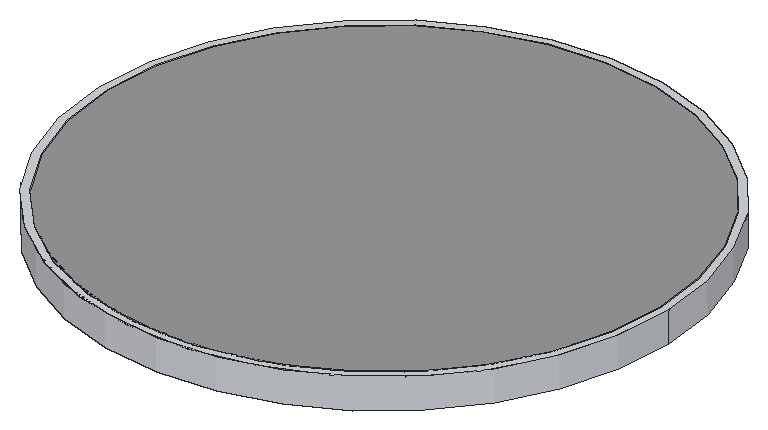
Revit family "2071292", category Lighting Fixtures, host Face, Revit 2018
Family settings
  Host = Face
  Round Connector Dimension = Use Diameter
  Part Type = Junction Box
  OmniClass Number = 23.80.70.00
  OmniClass Title = Lighting
  Cut with Voids When Loaded = No
  Light Source = Yes
  Shared = No
  Room Calculation Point = No
Parameters (values of type "2071292 COLOSSAL 1200 840 OP DIR WHT SSC")
  iner diameter = 1168 mm
  Weight = "n/a"
  Wattage Comments = ""
  Wattage = 30 W
  WarrantyStartDate [instance] = "n/a"
  WarrantyGuarantorParts = "n/a"
  WarrantyDurationUnit = "n/a"
  WarrantyDurationParts = ""
  WarrantyDescription = "http://www.sylvania-lighting.com"
  built-in parameter 1150110 = 1 (stored number, unit not read)
  Voltage = 230 V
  URL = "0.95"
  TypeName = "COLOSSAL 1200mm 840 OPAL DIR WHITE SSC"
  Type Image = <None>
  Type Comments = "n/a"
  built-in parameter 1114217 = 1 (stored number, unit not read)
  Tilt Angle = -90.00°
  built-in parameter 1150109 = 1 (stored number, unit not read)
  built-in parameter 1150134 = (empty or 0)
  built-in parameter 1150113 = 1 (stored number, unit not read)
  SerialNumber [instance] = "n/a"
  Photometric Web File = "2071292.ies"
  Material_3_SYL = LED-Sylvania
  PowerFactor = 0
  PowerConsumption = "Lighting"
  NominalLength = 1168 mm
  NominalHeight = 93 mm
  NominalDepth = 1168 mm
  Name = "COLOSSAL 1200mm 840 OPAL DIR WHITE SSC"
  ModelReference = Name  # "COLOSSAL 1200mm 840 OPAL DIR WHITE SSC"
  ModelNumber = "2071292"
  Model = Name  # "COLOSSAL 1200mm 840 OPAL DIR WHITE SSC"
  Material = "Feilo Sylvania"
  ManufacturerName = "143 lm/W"
  Manufacturer = ""
  LuminousEfficacy = ""
  built-in parameter 1150105 = 270.44 (stored number, unit not read)
  Lumens = 3398.4 lm
  LuminaireType = "0"
  built-in parameter 1150115 = 1 (stored number, unit not read)
  LightOutputRatio = "LED"
  built-in parameter 1150137 = (empty or 0)
  built-in parameter 1150139 = (empty or 0)
  LampsType = Lamp  # "n/a"
  LampNominalLuminous = "4000 K"
  LampMacAdamStep = "80"
  LampColourTemperature = "LED"
  LampColourRenderingIndex = "16500"
  built-in parameter 1150112 = 1 (stored number, unit not read)
  built-in parameter 1150114 = 1 (stored number, unit not read)
  Lamp = "n/a"
  Keynote = "n/a"
  InstallationDate [instance] = "n/a"
  InputVoltage = "0"
  InputNominalFrequency = "4000"
  built-in parameter 1150132 = (empty or 0)
  built-in parameter 1150102 = (empty or 0)
  built-in parameter 1150107 = 3000 (stored number, unit not read)
  built-in parameter 1150138 = (empty or 0)
  IngressProtection = "IfcLightFixtureType"
  ImpactProtectionIndex = "IfcLightFixtureType"
  built-in parameter 1150106 = 2.7044 (stored number, unit not read)
  IfcExportType = "IfcLightFixtureType"
  IfcExportAs = "Class I"
  Emit from Circle Diameter = 385 mm
  Emit Shape Visible in Rendering = no
  ElectricShockClassification = "143"
  built-in parameter 1150104 = 10.524 (stored number, unit not read)
  DocumentationLiterature = "http://www.sylvania-lighting.com/product/en-int/products/2071292"
  DimmingControlOptions = "n/a"
  Material_2_SYL = Polycarbonate_Sylvania_White
  Dimming Lamp Color Temperature Shift = <None>
  Description = "1200mm diameter circular architectural luminaire, can be surface mounted or suspended. Powder coated aluminium housing (RAL9016) with polycarbonate opal diffuser. Direct light distribution, 22015lm luminuous flux, 153.6W system power, 143lm/W luminiaire efficacy. Sylsmart Standalone enabled. Colour rendering index Ra >80, 4000K Neutral White LED, chromaticity tolerance of 3-step MacAdam ellipse. IP40/IP20, IK03. 450mA drive current. Electrical protection Class1, 220-240V. Reported lifetime 66k hours L90B10."
  Default Elevation = 1219.2 mm
  CreatedOn = "23/03/2022"
  CreatedBy = "@sylvania-lighting.com"
  Cost = 0
  Color Filter = 16777215
  built-in parameter 1114216 [instance] = (empty or 0)
  ClassificationValue = "EF_70_80"
  ClassificationName = "Uniclass2015"
  Material_1_SYL = Polycarbonate_Sylvania_Opal
  BarCode [instance] = "n/a"
  built-in parameter 1114218 = 1 (stored number, unit not read)
  built-in parameter 1150133 = 10 (stored number, unit not read)
  AssetType = "Fixed"
  AssetIdentifier [instance] = "n/a"
  Assembly Code = "D5020200"
  Apparent Load = 153.6 VA
  Material_4_SYL = none
Reference planes
  plane 1 "Center (Front/Back)": y = 0
  plane 2: z = 0
  plane 3 "Center (Left/Right)": x = 0
  plane 4: z = 1.161
  plane 5: z = 16.161
  plane 6: y = 584
  plane 7: y = -584
  plane 8: x = 85
  plane 9: x = -85
  plane 10: through (0, 0, 1219.2) normal (0.5, 0.866, 0)
  plane 11: through (42.5, 73.612, 1219.2) normal (0.5, 0.866, 0)
  plane 12: through (-42.5, -73.612, 1219.2) normal (0.5, 0.866, 0)
  plane 13: through (0, 0, 1219.2) normal (0.5, -0.866, 0)
  plane 14: through (-42.5, 73.612, 1219.2) normal (0.5, -0.866, 0)
  plane 15: through (42.5, -73.612, 1219.2) normal (0.5, -0.866, 0)
  plane 16: z = 93
  plane 17: y = 584
  plane 18: y = -584
  plane 19: y = -429
  plane 20: x = -584
  plane 21: x = 584
Forms (mm)
  Extrusion 1, solid, detail levels medium+fine
    sketch origin (0, 0, 0) x (0.866025, -0.5, 0) y (0.5, 0.866025, 0)
      loop
        circle (-50, 86.603) r 22
    from 0 to 2
  Extrusion 2, solid, detail levels medium+fine
    sketch origin (0, 0, 0) x (0.866025, -0.5, 0) y (0.5, 0.866025, 0)
      loop
        circle (100, 0) r 22
      loop
        circle (-50, -86.603) r 22
    from 0 to 2
  Extrusion 3, solid, detail levels medium+fine
    sketch origin (0, 0, 0) x (1, 0, 0) y (0, 1, 0)
      loop
        circle (0, 0) r 584
    from 30 to 93
  Extrusion 4, void
    sketch origin (0, 0, 0) x (1, 0, 0) y (0, 1, 0)
      loop
        circle (0, 0) r 568
    from 96.588 to 37.292
  Extrusion 5, solid, material "Glass, White, High Luminance", detail levels fine
    sketch origin (0, 0, 0) x (1, 0, 0) y (0, 1, 0)
      loop
        circle (0, 0) r 568
    from 88.022 to 93
  Extrusion 6, solid, detail levels coarse
    sketch origin (0, 0, 0) x (1, 0, 0) y (0, 1, 0)
      loop
        line (-584, 584) -> (-584, -584) -> (584, -584) -> (584, 584) -> (-584, 584)
    from 0 to 93
  Blend 7, solid, detail levels medium+fine
    base sketch origin (-10.814, 11.299, 29.922) x (1, 0, 0) y (0, 1, 0)
      loop
        line (-402.654, -330.622) -> (397.346, -330.622) -> (482.346, -183.398) -> (82.346, 509.423) -> (-87.654, 509.423) -> (-487.654, -183.398) -> (-402.654, -330.622)
    top sketch origin (-10.814, 11.299, 29.922) x (1, 0, 0) y (0, 1, 0)
      loop
        line (-363.391, -306.496) -> (364.632, -306.496) -> (449.632, -159.272) -> (87.132, 468.597) -> (-82.868, 468.597) -> (-445.368, -159.272) -> (-363.391, -306.496)
    from 0 to -30
Cuts and joins
  Extrusion 4 cuts Extrusion 1
  Extrusion 4 cuts Extrusion 2
  Extrusion 4 cuts Extrusion 3
Lines and regions (mm)
  model lines, detail levels medium+fine
    curve 1: circle (0, 0, 0) r 155 normal (0, 0, 1)
  reference lines
    curve 2: circle (0, 0, 0) r 489 normal (0, 0, 1)
    curve 3: circle (0, 0, 0) r 521 normal (0, 0, 1)
    curve 4: line (0, 0, 0) -> (606.218, -350, 0)
    curve 5: line (0, 0, 0) -> (0, 825, 0)
    curve 6: line (0, 0, 0) -> (-623.538, -360, 0)
    curve 7: line (639.013, -270.785, 0) -> (85, 49.075, 0)
    curve 8: line (563.718, -423.612, 0) -> (0, -98.15, 0)
    curve 9: line (85, 49.075, 0) -> (85, 825, 0)
    curve 10: line (-85, 49.075, 0) -> (-85, 825, 0)
    curve 11: line (-85, 49.075, 0) -> (-666.038, -286.388, 0)
    curve 12: line (-581.038, -433.612, 0) -> (0, -98.15, 0)
Dimensions and locks
  plane 4 to level = 1.161 mm
  locked: plane 5 to plane 4 at 15
  "NominalDepth": plane 6 to plane 7
  plane 6 to plane 1 "Center (Front/Back)" to plane 7 = 584 mm, 584 mm
  "NominalHeight": level to plane 16
  equal spacing: plane 17, plane 1 "Center (Front/Back)", plane 18
  "NominalLength": plane 20 to plane 21
  equal spacing: plane 20, plane 3 "Center (Left/Right)", plane 21
  aligned and locked: plane 2 to host face
  aligned and locked: level to host face
  aligned and locked: plane 6 to Extrusion 6
Automatic sketch dimensions
  host sketch curve to host sketch curve = 2438.4 mm  (x2)
  Extrusion 1 sketch curve to plane 3 "Center (Left/Right)" = 0 mm
  Extrusion 1 sketch curve to plane 1 "Center (Front/Back)" = 100 mm
  plane 1 "Center (Front/Back)" to Extrusion 2 sketch curve = 50 mm
  Extrusion 2 sketch curve to plane 3 "Center (Left/Right)" = 86.603 mm
  Extrusion 2 sketch curve to Extrusion 2 sketch curve = 150 mm
  Extrusion 2 sketch curve to Extrusion 2 sketch curve = 86.603 mm
  plane 1 "Center (Front/Back)" to curve 1 = 0 mm
  curve 1 to plane 3 "Center (Left/Right)" = 0 mm
  plane 1 "Center (Front/Back)" to Extrusion 3 sketch curve = 0 mm
  Extrusion 3 sketch curve to plane 3 "Center (Left/Right)" = 0 mm
  plane 1 "Center (Front/Back)" to Extrusion 4 sketch curve = 0 mm
  Extrusion 4 sketch curve to plane 3 "Center (Left/Right)" = 0 mm
  plane 1 "Center (Front/Back)" to Extrusion 5 sketch curve = 0 mm
  Extrusion 5 sketch curve to plane 3 "Center (Left/Right)" = 0 mm
  curve 2 to curve 3 = 0 mm  (x2)
  curve 11 to plane 14 = 0 mm
  curve 6 to plane 13 = 0 mm
  curve 12 to plane 15 = 0 mm
  curve 10 to plane 9 = 0 mm
  curve 12 to plane 3 "Center (Left/Right)" = 0 mm
  plane 1 "Center (Front/Back)" to curve 3 = 0 mm
  curve 3 to plane 3 "Center (Left/Right)" = 0 mm
  curve 7 to plane 8 = 0 mm
  curve 11 to plane 10 = 0 mm
  curve 12 to plane 19 = 4.612 mm
  plane 19 to curve 6 = 69 mm
  plane 19 to curve 11 = 142.612 mm
  plane 19 to curve 8 = 5.388 mm
  plane 19 to curve 4 = 79 mm
  plane 19 to curve 7 = 158.215 mm
  plane 6 to curve 5 = 241 mm
  curve 10 to curve 5 = 0 mm
  curve 5 to curve 9 = 0 mm
  plane 1 "Center (Front/Back)" to curve 6 = 0 mm
  curve 6 to plane 3 "Center (Left/Right)" = 0 mm
  Extrusion 6 sketch curve to plane 7 = 0 mm
  Extrusion 6 sketch curve to plane 6 = 0 mm
  Blend 7 sketch curve to plane 6 = 756.098 mm  (x2)
  Blend 7 sketch curve to Blend 7 sketch curve = 85 mm
  plane 3 "Center (Left/Right)" to Blend 7 sketch curve = 386.532 mm
  plane 8 to Blend 7 sketch curve = 386.532 mm
  Blend 7 sketch curve to plane 6 = 63.278 mm
  Blend 7 sketch curve to plane 6 = 731.972 mm  (x2)
  Blend 7 sketch curve to Blend 7 sketch curve = 81.977 mm
  plane 3 "Center (Left/Right)" to Blend 7 sketch curve = 353.818 mm
  plane 8 to Blend 7 sketch curve = 353.818 mm
  Blend 7 sketch curve to plane 6 = 104.104 mm
  plane 12 to curve 8 = 0 mm
  plane 19 to Blend 7 sketch curve = 109.677 mm
  plane 19 to Blend 7 sketch curve = 133.803 mm
  plane 8 to Extrusion 6 sketch curve = 499 mm
  Extrusion 6 sketch curve to plane 9 = 499 mm
  Blend 7 sketch curve to plane 8 = 13.468 mm
  Blend 7 sketch curve to plane 9 = 13.468 mm
  Blend 7 sketch curve to plane 9 = 328.468 mm
  Blend 7 sketch curve to plane 8 = 8.682 mm
  Blend 7 sketch curve to plane 9 = 8.682 mm
  Blend 7 sketch curve to plane 9 = 289.205 mm
  plane 10 to curve 4 = 0 mm
  plane 11 to curve 7 = 0 mm
  curve 12 to plane 12 = 0 mm
  curve 9 to plane 11 = 0 mm
  radius of Extrusion 1 sketch curve = 22 mm
  radius of Extrusion 2 sketch curve = 22 mm  (x2)
  radius of curve 1 = 155 mm
  radius of Extrusion 3 sketch curve = 584 mm
  radius of Extrusion 4 sketch curve = 568 mm
  radius of Extrusion 5 sketch curve = 568 mm
  radius of curve 2 = 489 mm
  radius of curve 3 = 521 mm
Connectors
  electrical at (0, 0, 30)
    settings: on cut or joined group of Extrusion 3, Extrusion 4, index 1, voltage 0 V, apparent load 0 VA, apparent load phase1 0 VA, apparent load phase2 0 VA, apparent load phase3 0 VA, power factor 1, load classification "Other", number of poles 1, system type 31, power factor state 1, is connector primary yes, connector utility no, sub classification motor no, connector description ""
